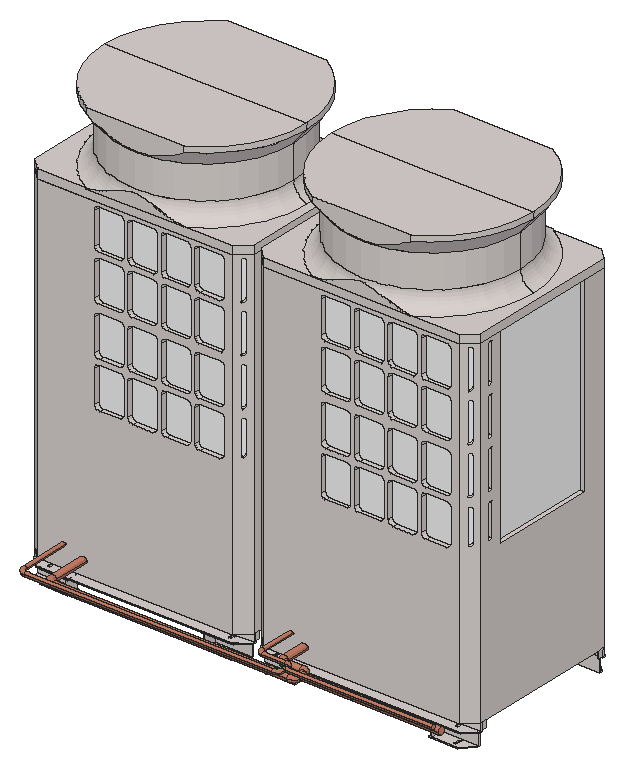
Revit family "PUHY-P600YSNW-A1", category Mechanical Equipment, Revit 2016 (continued)
Definition of nested family "PUHY-P300YNW-A1"
  Connectors
    piping at (-217, -189, 176), diameter 22.2, driven by "Gas pipe_radius"
      settings: on Extrusion 18, index 3, connector inside diameter 22.2 mm, connector length 0 mm, flow factor 0, pipe flow 0.0 L/s, pressure drop 0.0 Pa, fitting loss kfactor 0, connector angle 0.00°, fixture units 0, engagement length 0 mm, angle of deflection 0.00°, flow configuration 0, flow direction 0, fitting loss method 0, system type 22, joint type 0, gender type 0, connector reference index -1, connector utility 0, adjustable connector no, is connector primary yes, connector description "Refrigerant service valve (gas)"
    piping at (-300, -172, 176), diameter 9.52, driven by "Liquid pipe_radius"
      settings: on Extrusion 19, index 4, connector inside diameter 9.52 mm, connector length 0 mm, flow factor 0, pipe flow 0.0 L/s, pressure drop 0.0 Pa, fitting loss kfactor 0, connector angle 0.00°, fixture units 0, engagement length 0 mm, angle of deflection 0.00°, flow configuration 0, flow direction 0, fitting loss method 0, system type 22, joint type 0, gender type 0, connector reference index -1, connector utility 0, adjustable connector no, is connector primary no, connector description "Refrigerant service valve (Liquid)"
    electrical at (0, -370, 808)
      settings: on cut or joined group of Extrusion 1, Extrusion 2, Extrusion 3, Extrusion 4, Extrusion 5, Extrusion 6, Extrusion 7, Extrusion 8, Extrusion 9, Extrusion 10, Extrusion 11, Extrusion 12, Extrusion 13, Extrusion 14, Extrusion 15, Extrusion 16, Extrusion 17, Extrusion 20, Extrusion 21, Extrusion 22, Extrusion 23, Extrusion 24, Extrusion 25, Extrusion 26, Extrusion 27, Extrusion 28, Extrusion 29, Extrusion 30, Extrusion 31, Extrusion 32, index 5, voltage 415 V, apparent load 0 VA, apparent load phase1 0 VA, apparent load phase2 0 VA, apparent load phase3 0 VA, power factor 1, load classification none, number of poles 3, system type 30, power factor state 1, is connector primary yes, connector utility no, sub classification motor no, connector description ""
  Definition of nested family "FAN GUARD"
    Parameters
      WIDTH [instance] = 920 mm
    Reference planes
      plane 1 "中心(正面/背面)": y = 0
      plane 2: z = 0
      plane 3 "中心(左/右)": x = 0
      plane 4 "ファンガード基準面": z = 660
      plane 5: y = 370
      plane 6: y = -370
      plane 7: x = 460
      plane 8: x = -460
      plane 9 "ファンガード基準上面": z = 694
      plane 10 "ファンガード上面": z = 997
    Forms (mm)
      Extrusion 1, solid
        sketch origin (0, 0, 660) x (-1, 0, 0) y (0, -1, 0)
          loop
            line (410, -370) -> (460, -320) -> (460, 320) -> (410, 370) -> (-410, 370) -> (-460, 320) -> (-460, -320) -> (-410, -370) -> (410, -370)
        from 0 to 34
      Revolve 2, solid
        sketch origin (0, 0, 0) x (1, 0, 0) y (0, 0, 1)
          loop
            line (0, 694) -> (0, 997) -> (-423, 997) -> (-423, 973) -> (-368.829, 903.664) -> (-368.829, 764.141)
            arc (-368.829, 764.141) -> (-384.109, 719.678) -> (-423.494, 694) r 72.332
            line (-423.494, 694) -> (0, 694)
          axis (0, 997) -> (0, 694)
        angle from 0 to 360
      Extrusion 3, void
        sketch origin (0, 0, 694) x (-1, 0, 0) y (0, -1, 0)
          loop
            line (345, -370) -> (-345, -370) -> (-345, -545) -> (345, -545) -> (345, -370)
          loop
            line (345, 370) -> (345, 539.592) -> (-345, 539.592) -> (-345, 370) -> (345, 370)
        from 0 to 400
    Cuts and joins
      Extrusion 3 cuts Revolve 2
    Lines and regions (mm)
      model lines
        curve 1: line (-423, 0, 997) -> (-80, 0, 997)
        curve 2: line (80, 0, 997) -> (423, 0, 997)
        curve 3: circle (0, 0, 997) r 80 normal (0, 0, 1)
        curve 4: line (-415.366, -80, 997) -> (415.366, -80, 997)
        curve 5: line (-391.572, -160, 997) -> (391.572, -160, 997)
        curve 6: line (-348.323, -240, 997) -> (348.323, -240, 997)
        curve 7: line (-276.639, -320, 997) -> (276.639, -320, 997)
        curve 8: line (-415.366, 80, 997) -> (415.366, 80, 997)
        curve 9: line (-391.572, 160, 997) -> (391.572, 160, 997)
        curve 10: line (-348.323, 240, 997) -> (348.323, 240, 997)
        curve 11: line (-276.639, 320, 997) -> (276.639, 320, 997)
        curve 12: line (0, 370, 997) -> (0, -370, 997)
        curve 13: line (-20, 370, 997) -> (-20, -370, 997)
        curve 14: line (-40, 370, 997) -> (-40, -370, 997)
        curve 15: line (-60, 370, 997) -> (-60, -370, 997)
        curve 16: line (-80, 370, 997) -> (-80, -370, 997)
        curve 17: line (20, 370, 997) -> (20, -370, 997)
        curve 18: line (40, 370, 997) -> (40, -370, 997)
        curve 19: line (60, 370, 997) -> (60, -370, 997)
        curve 20: line (80, 370, 997) -> (80, -370, 997)
        curve 21: line (100, 370, 997) -> (100, -370, 997)
        curve 22: line (120, 370, 997) -> (120, -370, 997)
        curve 23: line (140, 370, 997) -> (140, -370, 997)
        curve 24: line (160, 370, 997) -> (160, -370, 997)
        curve 25: line (180, 370, 997) -> (180, -370, 997)
        curve 26: line (200, 370, 997) -> (200, -370, 997)
        curve 27: line (220, 361.288, 997) -> (220, -361.288, 997)
        curve 28: line (240, 348.323, 997) -> (240, -348.323, 997)
        curve 29: line (260, 333.66, 997) -> (260, -333.66, 997)
        curve 30: line (280, 317.063, 997) -> (280, -317.063, 997)
        curve 31: line (300, 298.21, 997) -> (300, -298.21, 997)
        curve 32: line (320, 276.639, 997) -> (320, -276.639, 997)
        curve 33: line (340, 251.653, 997) -> (340, -251.653, 997)
        curve 34: line (360, 222.101, 997) -> (360, -222.101, 997)
        curve 35: line (380, 185.82, 997) -> (380, -185.82, 997)
        curve 36: line (400, 137.583, 997) -> (400, -137.583, 997)
        curve 37: line (420, 50.289, 997) -> (420, -50.289, 997)
        curve 38: line (-100, 370, 997) -> (-100, -370, 997)
        curve 39: line (-120, 370, 997) -> (-120, -370, 997)
        curve 40: line (-140, 370, 997) -> (-140, -370, 997)
        curve 41: line (-160, 370, 997) -> (-160, -370, 997)
        curve 42: line (-180, 370, 997) -> (-180, -370, 997)
        curve 43: line (-200, 370, 997) -> (-200, -370, 997)
        curve 44: line (-220, 361.288, 997) -> (-220, -361.288, 997)
        curve 45: line (-240, 348.323, 997) -> (-240, -348.323, 997)
        curve 46: line (-260, 333.66, 997) -> (-260, -333.66, 997)
        curve 47: line (-280, 317.063, 997) -> (-280, -317.063, 997)
        curve 48: line (-300, 298.21, 997) -> (-300, -298.21, 997)
        curve 49: line (-320, 276.639, 997) -> (-320, -276.639, 997)
        curve 50: line (-340, 251.653, 997) -> (-340, -251.653, 997)
        curve 51: line (-360, 222.101, 997) -> (-360, -222.101, 997)
        curve 52: line (-380, 185.82, 997) -> (-380, -185.82, 997)
        curve 53: line (-400, 137.583, 997) -> (-400, -137.583, 997)
        curve 54: line (-420, 50.289, 997) -> (-420, -50.289, 997)
        curve 55: line (10, 79.373, 997) -> (10, -79.373, 997)
        curve 56: line (-10, 79.373, 997) -> (-10, -79.373, 997)
        curve 57: line (30, 74.162, 997) -> (30, -74.162, 997)
        curve 58: line (50, 62.45, 997) -> (50, -62.45, 997)
        curve 59: line (70, 38.73, 997) -> (70, -38.73, 997)
        curve 60: line (-30, 74.162, 997) -> (-30, -74.162, 997)
        curve 61: line (-50, 62.45, 997) -> (-50, -62.45, 997)
        curve 62: line (-70, 38.73, 997) -> (-70, -38.73, 997)
    Dimensions and locks
      "WIDTH": plane 8 to plane 7
      locked: plane 6 to plane 5 at 740
      equal spacing: plane 8, plane 3 "中心(左/右)", plane 7
      equal spacing: plane 6, plane 1 "中心(正面/背面)", plane 5
      plane 3 "中心(左/右)" to Revolve 2 sketch curve = 423 mm
      locked: plane 10 "ファンガード上面" to plane 9 "ファンガード基準上面" at 303
      aligned and locked: level to plane 2
      aligned and locked: plane 5 to Extrusion 1 sketch curve
      aligned and locked: Extrusion 1 sketch curve to plane 6
      aligned and locked: plane 8 to Extrusion 1 sketch curve
      aligned and locked: plane 7 to Extrusion 1 sketch curve
      aligned and locked: plane 9 "ファンガード基準上面" to Extrusion 1
      aligned and locked: plane 4 "ファンガード基準面" to Extrusion 1
      aligned and locked: plane 9 "ファンガード基準上面" to Revolve 2 sketch curve
      aligned and locked: Revolve 2 sketch curve to plane 3 "中心(左/右)"
      aligned and locked: Extrusion 1 to Extrusion 3 sketch curve
      aligned and locked: Extrusion 3 sketch curve to Extrusion 1
      aligned and locked: cut or joined group of Revolve 2, Extrusion 3 to plane 10 "ファンガード上面"
    Automatic sketch dimensions
      Extrusion 1 sketch curve to plane 7 = 50 mm  (x2)
      plane 8 to Extrusion 1 sketch curve = 50 mm  (x2)
      plane 5 to Extrusion 1 sketch curve = 50 mm  (x2)
      Extrusion 1 sketch curve to plane 6 = 50 mm  (x2)
      plane 3 "中心(左/右)" to Extrusion 3 sketch curve = 345 mm  (x2)
      Extrusion 3 sketch curve to plane 3 "中心(左/右)" = 345 mm  (x2)
      Extrusion 3 sketch curve to Extrusion 3 sketch curve = 175 mm
      Extrusion 3 sketch curve to Extrusion 3 sketch curve = 169.592 mm
      plane 1 "中心(正面/背面)" to curve 2 = 0 mm
      plane 1 "中心(正面/背面)" to curve 3 = 0 mm
      curve 3 to plane 3 "中心(左/右)" = 0 mm
      curve 12 to plane 3 "中心(左/右)" = 0 mm
      plane 1 "中心(正面/背面)" to curve 1 = 0 mm
      plane 3 "中心(左/右)" to curve 55 = 10 mm
      curve 17 to curve 12 = 20 mm
      curve 57 to curve 55 = 20 mm
      curve 18 to curve 17 = 20 mm
      curve 58 to curve 57 = 20 mm
      curve 19 to curve 18 = 20 mm
      curve 59 to curve 58 = 20 mm
      curve 20 to curve 19 = 20 mm
      curve 2 to curve 59 = 10 mm
      curve 21 to curve 20 = 20 mm
      curve 22 to curve 21 = 20 mm
      curve 23 to curve 22 = 20 mm
      curve 24 to curve 23 = 20 mm
      curve 25 to curve 24 = 20 mm
      curve 26 to curve 25 = 20 mm
      curve 27 to curve 26 = 20 mm
      curve 28 to curve 27 = 20 mm
      curve 29 to curve 28 = 20 mm
      curve 11 to curve 29 = 16.639 mm
      curve 7 to curve 29 = 16.639 mm
      curve 30 to curve 7 = 3.361 mm
      curve 31 to curve 30 = 20 mm
      curve 32 to curve 31 = 20 mm
      curve 33 to curve 32 = 20 mm
      curve 6 to curve 33 = 8.323 mm
      curve 10 to curve 33 = 8.323 mm
      curve 34 to curve 10 = 11.677 mm
      curve 35 to curve 34 = 20 mm
      curve 9 to curve 35 = 11.572 mm
      curve 5 to curve 35 = 11.572 mm
      curve 36 to curve 9 = 8.428 mm
      curve 8 to curve 36 = 15.366 mm
      curve 4 to curve 36 = 15.366 mm
      curve 37 to curve 8 = 4.634 mm
      curve 2 to curve 37 = 3 mm
      curve 56 to plane 3 "中心(左/右)" = 10 mm
      curve 13 to plane 3 "中心(左/右)" = 20 mm
      curve 56 to curve 60 = 20 mm
      curve 13 to curve 14 = 20 mm
      curve 60 to curve 61 = 20 mm
      curve 14 to curve 15 = 20 mm
      curve 61 to curve 62 = 20 mm
      curve 15 to curve 16 = 20 mm
      curve 16 to curve 38 = 20 mm
      curve 38 to curve 39 = 20 mm
      curve 39 to curve 40 = 20 mm
      curve 40 to curve 41 = 20 mm
      curve 41 to curve 42 = 20 mm
      curve 42 to curve 43 = 20 mm
      curve 43 to curve 44 = 20 mm
      curve 44 to curve 45 = 20 mm
      curve 45 to curve 46 = 20 mm
      curve 46 to curve 7 = 16.639 mm
      curve 46 to curve 11 = 16.639 mm
      curve 7 to curve 47 = 3.361 mm
      curve 47 to curve 48 = 20 mm
      curve 48 to curve 49 = 20 mm
      curve 49 to curve 50 = 20 mm
      curve 50 to curve 6 = 8.323 mm
      curve 50 to curve 10 = 8.323 mm
      curve 10 to curve 51 = 11.677 mm
      curve 51 to curve 52 = 20 mm
      curve 52 to curve 9 = 11.572 mm
      curve 52 to curve 5 = 11.572 mm
      curve 5 to curve 53 = 8.428 mm
      curve 53 to curve 4 = 15.366 mm
      curve 53 to curve 8 = 15.366 mm
      curve 4 to curve 54 = 4.634 mm
      curve 54 to curve 1 = 3 mm
      curve 8 to plane 1 "中心(正面/背面)" = 80 mm
      curve 36 to curve 8 = 57.583 mm
      curve 53 to curve 8 = 57.583 mm
      curve 9 to curve 36 = 22.417 mm
      curve 52 to curve 9 = 25.82 mm
      curve 35 to curve 9 = 25.82 mm
      curve 51 to curve 52 = 36.282 mm
      curve 34 to curve 35 = 36.282 mm
      curve 10 to curve 51 = 17.899 mm
      curve 33 to curve 10 = 11.653 mm
      curve 50 to curve 10 = 11.653 mm
      curve 49 to curve 50 = 24.986 mm
      curve 32 to curve 33 = 24.986 mm
      curve 48 to curve 49 = 21.571 mm
      curve 31 to curve 32 = 21.571 mm
      curve 47 to curve 48 = 18.853 mm
      curve 30 to curve 31 = 18.853 mm
      curve 11 to curve 30 = 2.937 mm
      curve 29 to curve 11 = 13.66 mm
      curve 46 to curve 11 = 13.66 mm
      curve 28 to curve 29 = 14.663 mm
      curve 45 to curve 46 = 14.663 mm
      curve 44 to curve 45 = 12.965 mm
      curve 27 to curve 28 = 12.965 mm
      curve 12 to curve 27 = 8.712 mm
      curve 12 to curve 21 = 0 mm
      curve 13 to curve 12 = 0 mm
      curve 14 to curve 13 = 0 mm  (x2)
      curve 12 to curve 18 = 0 mm
      curve 21 to curve 23 = 0 mm
      curve 43 to curve 44 = 8.712 mm
      curve 23 to curve 24 = 0 mm  (x2)
      curve 43 to curve 42 = 0 mm  (x2)
      curve 24 to curve 25 = 0 mm  (x2)
      curve 42 to curve 41 = 0 mm  (x2)
      curve 25 to curve 26 = 0 mm  (x2)
      curve 41 to curve 40 = 0 mm  (x2)
      curve 20 to curve 21 = 0 mm  (x2)
      curve 40 to curve 39 = 0 mm  (x2)
      curve 15 to curve 14 = 0 mm
      curve 39 to curve 38 = 0 mm
      curve 38 to curve 16 = 0 mm  (x2)
      curve 18 to curve 19 = 0 mm  (x2)
      curve 12 to curve 17 = 0 mm  (x2)
      curve 21 to curve 22 = 0 mm  (x2)
      curve 8 to curve 37 = 29.711 mm
      curve 8 to curve 54 = 29.711 mm
      plane 1 "中心(正面/背面)" to curve 37 = 50.289 mm
      plane 1 "中心(正面/背面)" to curve 54 = 50.289 mm
      curve 37 to curve 4 = 29.711 mm
      curve 4 to curve 36 = 57.583 mm
      curve 4 to curve 53 = 57.583 mm
      curve 36 to curve 5 = 22.417 mm
      curve 5 to curve 52 = 25.82 mm
      curve 5 to curve 35 = 25.82 mm
      curve 35 to curve 34 = 36.282 mm
      curve 52 to curve 51 = 36.282 mm
      curve 51 to curve 6 = 17.899 mm
      curve 6 to curve 50 = 11.653 mm
      curve 6 to curve 33 = 11.653 mm
      curve 50 to curve 49 = 24.986 mm
      curve 33 to curve 32 = 24.986 mm
      curve 49 to curve 48 = 21.571 mm
      curve 32 to curve 31 = 21.571 mm
      curve 48 to curve 47 = 18.853 mm
      curve 31 to curve 30 = 18.853 mm
      curve 30 to curve 7 = 2.937 mm
      curve 7 to curve 46 = 13.66 mm
      curve 7 to curve 29 = 13.66 mm
      curve 29 to curve 28 = 14.663 mm
      curve 46 to curve 45 = 14.663 mm
      curve 45 to curve 44 = 12.965 mm
      curve 28 to curve 27 = 12.965 mm
      curve 44 to curve 13 = 8.712 mm
      curve 27 to curve 23 = 8.712 mm
      curve 15 to curve 13 = 0 mm
      curve 44 to curve 42 = 8.712 mm
      curve 16 to curve 15 = 0 mm
      curve 22 to curve 23 = 0 mm
      curve 13 to curve 17 = 0 mm
      curve 17 to curve 19 = 0 mm
      Revolve 2 sketch curve to plane 3 "中心(左/右)" = 0 mm
      Revolve 2 sketch curve to plane 10 "ファンガード上面" = 0 mm
      plane 9 "ファンガード基準上面" to Revolve 2 sketch curve = 70.141 mm
      Revolve 2 sketch curve to Revolve 2 sketch curve = 18.161 mm
      Revolve 2 sketch curve to level = 1700.815 mm
      Revolve 2 sketch curve to plane 10 "ファンガード上面" = 93.336 mm
      Revolve 2 sketch curve to plane 10 "ファンガード上面" = 24 mm
      Revolve 2 sketch curve to Revolve 2 sketch curve = 790.769 mm
      Revolve 2 sketch curve to Revolve 2 sketch curve = 17.668 mm
  Definition of nested family "BASE LEG"
    Parameters
      Width [instance] = 920 mm
    Reference planes
      plane 1 "中心(正面/背面)": y = 0
      plane 2: z = 0
      plane 3 "中心(左/右)": x = 0
      plane 4: x = 460
      plane 5: x = -460
      plane 6: x = -380
      plane 7: x = 380
      plane 8: y = -18
      plane 9: y = 39
      plane 10: z = 53
      plane 11: y = 42
      plane 12: y = 27
      plane 13: x = 415
      plane 14: x = -415
      plane 15: z = 8
      plane 16: y = 11.5
      plane 17: z = 35
    Forms (mm)
      Extrusion 1, solid
        sketch origin (0, 0, 0) x (0, 1, 0) y (0, 0, 1)
          loop
            line (-18, 0) -> (36, 0) -> (36, 32) -> (56, 32) -> (56, 35) -> (33, 35) -> (33, 3) -> (-18, 3) -> (-18, 0)
        from -460 to 460
      Extrusion 2, void
        sketch origin (0, 0, 0) x (1, 0, 0) y (0, 1, 0)
          loop
            line (415, -18) -> (460, -18) -> (460, 27) -> (415, -18)
          loop
            line (-415, -18) -> (-460, 27) -> (-460, -18) -> (-415, -18)
        from 0 to 250
      Extrusion 3, void
        sketch origin (0, 12.023, 0) x (1, 0, 0) y (0, 1, 0)
          loop
            arc (373, -2.971) -> (380, -9.971) -> (387, -2.971) r 7
            line (387, -2.971) -> (387, 3.023)
            arc (387, 3.023) -> (380, 10.023) -> (373, 3.023) r 7
            line (373, 3.023) -> (373, -2.971)
          loop
            line (-373, -2.971) -> (-373, 3.023)
            arc (-373, 3.023) -> (-380, 10.023) -> (-387, 3.023) r 7
            line (-387, 3.023) -> (-387, -2.971)
            arc (-387, -2.971) -> (-380, -9.971) -> (-373, -2.971) r 7
        from 0 to 250
      Extrusion 4, solid
        sketch origin (0, 0, -3) x (1, 0, 0) y (0, 0, 1)
          loop
            line (457, 8) -> (460, 8) -> (460, 35) -> (457, 35) -> (457, 8)
          loop
            line (-457, 8) -> (-457, 35) -> (-460, 35) -> (-460, 8) -> (-457, 8)
        from -36 to -56
      Extrusion 5, solid
        sketch origin (150, 352, 0) x (1, 0, 0) y (0, 1, 0)
          loop
            line (310, -319) -> (305, -319) -> (305, -320) -> (255, -370) -> (260, -370) -> (310, -320) -> (310, -319)
        from 3 to 35
      Extrusion 6, void
        sketch origin (410, -18, 0) x (0.707107, 0.707107, 0) y (0, 0, 1)
          loop
            line (70.711, 3) -> (-6.741, 39.767) -> (-6.741, 3) -> (70.711, 3)
        from -190.256 to 23.776
      Extrusion 7, solid
        sketch origin (-150, 352, 0) x (-1, 0, 0) y (0, -1, 0)
          loop
            line (310, 319) -> (310, 320) -> (260, 370) -> (255, 370) -> (305, 320) -> (305, 319) -> (310, 319)
        from 3 to 35
      Extrusion 8, void
        sketch origin (-410, -18, 0) x (0.707107, -0.707107, 0) y (0, 0, -1)
          loop
            line (-70.711, -3) -> (0, -35) -> (6.741, -35) -> (6.741, -3) -> (-70.711, -3)
        from -190.256 to 23.776
    Cuts and joins
      Extrusion 2, Extrusion 3 cuts Extrusion 1
      joined: Extrusion 1, Extrusion 4
      Extrusion 8 cuts Extrusion 7
      Extrusion 6 cuts Extrusion 5
    Dimensions and locks
      "Width": plane 5 to plane 4
      equal spacing: plane 5, plane 3 "中心(左/右)", plane 4
      locked: plane 5 to plane 6 at 80
      locked: plane 7 to plane 4 at 80
      locked: plane 8 to plane 9 at 57
      locked: plane 10 to level at 53
      locked: plane 9 to plane 11 at 3
      plane 8 to plane 12 = 45 mm
      locked: plane 13 to plane 4 at 45
      locked: plane 5 to plane 14 at 45
      equal spacing: Extrusion 3 sketch curve, plane 7, Extrusion 3 sketch curve
      equal spacing: Extrusion 3 sketch curve, plane 6, Extrusion 3 sketch curve
      locked: plane 10 to plane 15 at 45
      locked: cut or joined group of Extrusion 1, Extrusion 2, Extrusion 3, Extrusion 4 to Extrusion 4 sketch curve at 3  (x2)
      locked: plane 8 to plane 16 at 29.5
      plane 8 to plane 11 = 60 mm
      cut or joined group of Extrusion 1, Extrusion 2, Extrusion 3, Extrusion 4 to cut or joined group of Extrusion 1, Extrusion 2, Extrusion 3, Extrusion 4 = 35 mm
      aligned and locked: level to plane 2
      aligned and locked: plane 8 to Extrusion 1 sketch curve
      aligned and locked: plane 4 to Extrusion 1
      aligned and locked: Extrusion 1 to plane 5
      aligned and locked: Extrusion 2 sketch curve to plane 4
      aligned and locked: Extrusion 2 sketch curve to plane 8
      aligned and locked: plane 12 to Extrusion 2 sketch curve
      aligned and locked: plane 13 to Extrusion 2 sketch curve
      aligned and locked: plane 4 to Extrusion 4 sketch curve
      aligned and locked: plane 5 to Extrusion 4 sketch curve
      aligned and locked: cut or joined group of Extrusion 7, Extrusion 8 to cut or joined group of Extrusion 1, Extrusion 2, Extrusion 3, Extrusion 4
    Automatic sketch dimensions
      Extrusion 3 sketch curve to plane 1 "中心(正面/背面)" = 9.052 mm  (x2)
      Extrusion 3 sketch curve to plane 7 = 7 mm
      Extrusion 3 sketch curve to plane 1 "中心(正面/背面)" = 15.046 mm  (x2)
      Extrusion 3 sketch curve to plane 6 = 7 mm
      Extrusion 2 sketch curve to plane 5 = 0 mm
      plane 8 to Extrusion 2 sketch curve = 0 mm
      Extrusion 2 sketch curve to plane 14 = 0 mm
      plane 12 to Extrusion 2 sketch curve = 0 mm
      Extrusion 4 sketch curve to plane 10 = 21 mm
      plane 7 to Extrusion 5 sketch curve = 25 mm
      Extrusion 5 sketch curve to Extrusion 5 sketch curve = 5 mm  (x2)
      plane 7 to Extrusion 5 sketch curve = 75 mm
      plane 8 to Extrusion 5 sketch curve = 0 mm
      Extrusion 5 sketch curve to Extrusion 5 sketch curve = 50 mm
      Extrusion 5 sketch curve to Extrusion 5 sketch curve = 0 mm
      Extrusion 5 sketch curve to Extrusion 5 sketch curve = 1 mm
      Extrusion 6 sketch curve to Extrusion 5 = 0 mm  (x2)
      Extrusion 6 sketch curve to Extrusion 5 = 6.741 mm
      Extrusion 6 sketch curve to Extrusion 5 = 4.767 mm
      plane 6 to Extrusion 7 sketch curve = 25 mm
      Extrusion 7 sketch curve to Extrusion 7 sketch curve = 5 mm  (x2)
      Extrusion 7 sketch curve to Extrusion 7 sketch curve = 45 mm
      Extrusion 7 sketch curve to plane 8 = 0 mm
      Extrusion 7 sketch curve to Extrusion 7 sketch curve = 50 mm
      Extrusion 7 sketch curve to Extrusion 7 sketch curve = 0 mm
      Extrusion 7 sketch curve to Extrusion 7 sketch curve = 1 mm
      Extrusion 8 sketch curve to Extrusion 7 = 0 mm  (x2)
      Extrusion 7 to Extrusion 8 sketch curve = 0 mm  (x2)
      Extrusion 7 to Extrusion 8 sketch curve = 6.741 mm
      Extrusion 4 sketch curve to plane 17 = 3 mm
      Extrusion 4 sketch curve to plane 15 = 3 mm  (x2)
      Extrusion 1 sketch curve to plane 17 = 0 mm
      Extrusion 1 sketch curve to level = 0 mm
      level to Extrusion 1 sketch curve = 3 mm
      plane 9 to Extrusion 1 sketch curve = 6 mm
      plane 9 to Extrusion 1 sketch curve = 3 mm
      Extrusion 1 sketch curve to plane 17 = 3 mm
      Extrusion 1 sketch curve to plane 11 = 14 mm
  Definition of nested family "ATTACHMENT LEG"
    Parameters
      Width = 145 mm
    Reference planes
      plane 1: z = 0
      plane 2 "中心(左/右)": x = -6
      plane 3: x = -52
      plane 4: x = 85
      plane 5: x = 93
      plane 6: y = -21
      plane 7: y = 27
      plane 8: x = -30
      plane 9: y = 39
      plane 10: z = 60
      plane 11: z = 57
      plane 12: z = 3
      plane 13: x = 82
      plane 14: y = 36
      plane 15: x = -75
      plane 16: y = 31
      plane 17 "幅": x = 93
      plane 18: y = 2.5
      plane 19: y = 21
      plane 20: y = -10
    Forms (mm)
      Extrusion 1, solid
        sketch origin (0, -1, 0) x (1, 0, 0) y (0, 1, 0)
          loop
            line (-75, 36) -> (-75, 27) -> (-28, -20) -> (93, -20) -> (93, 32) -> (85, 32) -> (85, 36) -> (-75, 36)
        from 0 to 60
      Extrusion 2, void
        sketch origin (0, -3, 0) x (1, 0, 0) y (0, 0, 1)
          loop
            line (-75, 57) -> (-75, 3) -> (82, 3) -> (82, 57) -> (-75, 57)
          loop
            line (93, 57) -> (85, 57) -> (85, 3) -> (93, 3) -> (93, 57)
        from -35 to 18
      Extrusion 3, void
        sketch origin (-6, 5.5, 0) x (1, 0, 0) y (0, 1, 0)
          loop
            arc (-7, -8.5) -> (0, -15.5) -> (7, -8.5) r 7
            line (7, -8.5) -> (7, 8.5)
            arc (7, 8.5) -> (0, 15.5) -> (-7, 8.5) r 7
            line (-7, 8.5) -> (-7, -8.5)
        from 0 to 60
    Cuts and joins
      Extrusion 2, Extrusion 3 cuts Extrusion 1
    Dimensions and locks
      locked: plane 3 to plane 4 at 137
      locked: plane 3 to plane 5 at 145
      plane 6 to plane 7 = 48 mm
      locked: plane 10 to level at 60
      Extrusion 3 sketch curve to plane 2 "中心(左/右)" = 7 mm
      locked: plane 15 to plane 2 "中心(左/右)" at 69
      locked: plane 15 to plane 8 at 45
      locked: plane 6 to plane 18 at 23.5
      cut or joined group of Extrusion 1, Extrusion 2, Extrusion 3 to cut or joined group of Extrusion 1, Extrusion 2, Extrusion 3 = 168 mm
      cut or joined group of Extrusion 1, Extrusion 2, Extrusion 3 to cut or joined group of Extrusion 1, Extrusion 2, Extrusion 3 = 56 mm  (x2)
      plane 14 to plane 6 = 57 mm
      aligned and locked: level to plane 1
      aligned and locked: Extrusion 1 sketch curve to plane 4
      aligned and locked: Extrusion 1 sketch curve to plane 5
      aligned: plane 8 to Extrusion 1 sketch curve
      aligned and locked: plane 10 to Extrusion 1
      aligned and locked: Extrusion 2 sketch curve to plane 11
      aligned: plane 3 to Extrusion 2 sketch curve
      aligned and locked: plane 12 to Extrusion 2 sketch curve
      aligned and locked: Extrusion 2 sketch curve to plane 13
      aligned and locked: plane 6 to Extrusion 2
      aligned and locked: plane 11 to Extrusion 2 sketch curve
      aligned and locked: plane 5 to Extrusion 2 sketch curve
      aligned and locked: Extrusion 2 sketch curve to plane 12
      aligned and locked: Extrusion 2 sketch curve to plane 4
      aligned and locked: plane 15 to Extrusion 1 sketch curve
      aligned and locked: Extrusion 2 sketch curve to cut or joined group of Extrusion 1, Extrusion 2, Extrusion 3
      aligned and locked: Extrusion 1 to plane 16
Types (6, lengths in mm): name | Voltage | Hertz | Heating Rated Load Ampacity (A) | Heating Current Input (Nominal) (A) | Heating Current Input (A) | Cooling Rated Load Ampacity (A) | Cooling Current Input (A)
  PUHY-P600YSNW-A1_380V_50Hz | 380 V | 50 Hz | 30 | 25.5 | 30 | 31.5 | 31.5
  PUHY-P600YSNW-A1_380V_60Hz | 380 V | 60 Hz | 30 | 25.5 | 30 | 31.5 | 31.5
  PUHY-P600YSNW-A1_400V_50Hz | 400 V | 50 Hz | 28.5 | 24.2 | 28.5 | 29.9 | 29.9
  PUHY-P600YSNW-A1_400V_60Hz | 400 V | 60 Hz | 28.5 | 24.2 | 28.5 | 29.9 | 29.9
  PUHY-P600YSNW-A1_415V_50Hz | 415 V | 50 Hz | 27.5 | 23.3 | 27.5 | 28.8 | 28.8
  PUHY-P600YSNW-A1_415V_60Hz | 415 V | 60 Hz | 27.5 | 23.3 | 27.5 | 28.8 | 28.8
